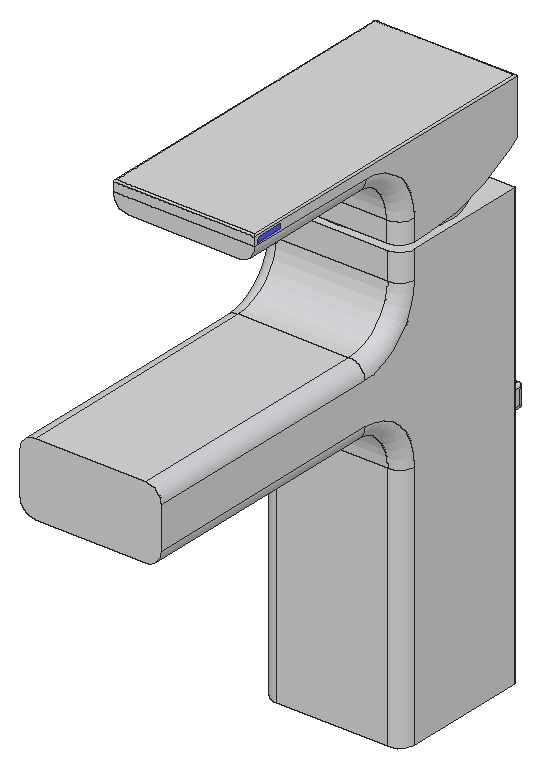
Revit family "Faucet-Lavatory-KOHLER-STRAYT-K-37327T_1", category Plumbing Fixtures, host Face, Revit 2017
Family settings
  Host = Face
  Round Connector Dimension = Use Diameter
  Part Type = Normal
  OmniClass Number = 23.31.11.00
  OmniClass Title = Faucets
  Cut with Voids When Loaded = No
  Shared = No
  Room Calculation Point = No
Parameters (values of type "4, CP-Polished chrome")
  Width = 1 13/16"  # constant formula
  WaterSense Certified = 1 = 0  # no
  Waste Water Outlet = "Waste Water Outlet"  # constant formula
  Waste Connection = 1 = 0  # no
  Vent Connection = 1 = 0  # no
  URL = "http://www.kohler.com.cn/"
  Type = 1
  Spout Reach = 4 7/128"  # constant formula
  Product Page URL = "https://www.kohler.com.cn/product/K-37327T-4-CP/K-37327T-4-CP/"
  Product Name = "STRAYT"  # constant formula
  Product Documentation Link = "https://files.kohler.com.cn/pdfs/k_37327t.pdf"
  Pressure = 0.00 psi
  Model = if(Type = 1, "K-37327T-4-CP", if(Type = 2, "K-37327T-4DPR-CP", if(Type = 3, "K-37327T-4DPW-CP", "NA")))  # "K-37327T-4-CP"
  Material = "Premium Metal Construction"  # constant formula
  Master Format 2014 Name = "Residential Faucets, Supplies, and Trim"  # constant formula
  Master Format 2014 = "22 41 39"  # constant formula
  Manufacturer Address = "Kohler Beijing Office (100016)36-2-03-B, No. 88, Liuxiang Road, Beijing"  # constant formula
  Manufacturer = "KOHLER Co."  # constant formula
  Length = Spout Reach  # 4 7/128"
  Handle With White  Design = or(Type = 3)  # no
  Handle With Red Design = or(Type = 2)  # no
  Handle Without Design = or(Type = 1)  # yes
  Hot Water Inlet = "Hot Water Inlet"  # constant formula
  Height = 6 31/32"  # constant formula
  Handle Finish = Kohler-Metal-CP-Polished_Chrome
  Handle Clearance = 3 69/256"  # constant formula
  HW Connection = 1 = 1  # yes
  Flow Rate = 0 GPM
  Finish = Kohler-Metal-CP-Polished_Chrome
  Environmental Product Declaration = ""
  Drain Included = 1 = 0  # no
  Description = "Single lever basin mixer"  # constant formula
  Default Elevation = 36"
  Declare Label = ""
  Date Modified = "08/13/2020"  # constant formula
  Date Created = "08/13/2020"  # constant formula
  Copyright = "Copyright KOHLER Co."  # constant formula
  Contact Us = "http://www.kohler.com.cn/contact/contact-us/"
  Cold Water Inlet = "Cold Water Inlet"  # constant formula
  CW Connection = 1 = 1  # yes
  Assembly Code = "D2010"
  ADA Compliant = 1 = 0  # no
Reference planes (in)
  plane 1 "Center (Front/Back)": y = 0
  plane 2: z = 0
  plane 3 "Center (Left/Right)": x = 0
  plane 4: y = -4.05469
  plane 5: x = 0.39453
  plane 6: x = -0.39453
  plane 7: y = -4.76563
  plane 8: z = 3.82031
  plane 9: z = 6.96875
  plane 10: y = -3.26953
  plane 11: x = -0.90551
  plane 12: x = 0.90699
  plane 13: y = 0.90551
  plane 14: y = -0.90551
  plane 15: y = 1.96634
Dimensions and locks (in)
  "Height": plane 9 to level
  plane 8 to level = 3 105/128"  (x2)
  plane 12 to plane 11 = 1 13/16"
  plane 9 to level = 6 31/32"
  "Width": plane 11 to plane 12
  "Length": plane 4 to plane 1 "Center (Front/Back)"
  "Spout Reach": plane 1 "Center (Front/Back)" to plane 4
  "Handle Clearance": plane 10 to plane 1 "Center (Front/Back)"
  aligned and locked: plane 2 to host face
  aligned and locked: level to host face
  aligned and locked: plane 3 "Center (Left/Right)" to nested 1
  aligned and locked: plane 1 "Center (Front/Back)" to nested 1
Automatic sketch dimensions
  host sketch curve to host sketch curve = 96"  (x2)
Nested families (in)
  nested 1: "K-37327T" at (0, 0, 0), type "K-37327T"
Connectors (in)
  piping at (0.39453, 0, 0), diameter 0.5, driven by "CW Connection", driven by "Cold Water Inlet", driven by "Flow Rate"
    settings: on nested 1, index 2, connector inside diameter 24", connector length 0", flow factor 0, pipe flow 0 GPM, pressure drop 0.00 psi, fitting loss kfactor 0, connector angle 0.00°, fixture units 0, engagement length 0", angle of deflection 0.00°, flow configuration 0, flow direction 1, fitting loss method 0, system type 20, joint type 0, gender type 0, connector reference index -1, connector utility 1, adjustable connector no, is connector primary yes, connector description "Cold Water Inlet"
  piping at (-0.39453, 0, 0), diameter 0.5, driven by "Flow Rate", driven by "HW Connection", driven by "Hot Water Inlet"
    settings: on nested 1, index 3, connector inside diameter 24", connector length 0", flow factor 0, pipe flow 0 GPM, pressure drop 0.00 psi, fitting loss kfactor 0, connector angle 0.00°, fixture units 0, engagement length 0", angle of deflection 0.00°, flow configuration 0, flow direction 1, fitting loss method 0, system type 19, joint type 0, gender type 0, connector reference index -1, connector utility 1, adjustable connector no, is connector primary no, connector description "Hot Water Inlet"
Definition of nested family "K-37327T"
  Parameters (values of type "K-37327T")
    Material = none
    K-37327T-4DPR = no
    K-37327T-4DPW = yes
    K-37327T-4 = no
    Handle Finish 4DPW = none
    Handle Finish 4DPR = none
  Reference planes (in)
    plane 1 "Center (Front/Back)": y = 0
    plane 2: z = 0
    plane 3 "Center (Left/Right)": x = 0
    plane 4: y = -4.76563
    plane 5: z = 6.96875
    plane 6: z = 3.82031
    plane 7: y = -4.05469
    plane 8: x = -0.39453
    plane 9: x = 0.39453
    plane 10: y = -3.26879
    plane 11: x = -0.90551
    plane 12: x = 0.90551
    plane 13: y = 0.90551
    plane 14: y = -0.90551
  Forms (in)
    Sweep 1, solid, material <- "Material", detail levels medium+fine
      path origin (0, 0, 0) x (0, 1, 0) y (0, 0, 1)
        loop
          line (0, 0) -> (0, 5.68504)
      profile origin (0, 0, 0) x (0, -1, 0) y (1, 0, 0)
        loop
          line (0.70861, -0.90551) -> (0.70861, 0.90551) -> (-0.88456, 0.90551)
          arc (-0.88456, 0.90551) -> (-0.89937, 0.89937) -> (-0.90551, 0.88456) r 0.02095
          line (-0.90551, 0.88456) -> (-0.90551, -0.88411)
          arc (-0.90551, -0.88411) -> (-0.89924, -0.89924) -> (-0.88411, -0.90551) r 0.0214
          line (-0.88411, -0.90551) -> (0.70861, -0.90551)
    Extrusion 2, solid, material <- "Material", detail levels medium+fine
      sketch origin (0, 0, 0) x (1, 0, 0) y (0, 0, 1)
        loop
          line (-0.90551, 4.52756) -> (-0.90551, 3.99606) -> (0.90551, 3.99606) -> (0.90551, 4.52756) -> (-0.90551, 4.52756)
      from 0 to 4.76563
    Sweep 3, solid, material <- "Material", detail levels medium+fine
      path origin (0, 0, 0) x (0, 1, 0) y (0, 0, 1)
        loop
          line (-4.76563, 3.99606) -> (-1.51589, 3.99606)
          arc (-1.51589, 3.99606) -> (-0.94506, 3.75962) -> (-0.70861, 3.18879) r 0.80727
          line (-0.70861, 3.18879) -> (-0.70861, 0)
      profile origin (0, -4.76563, 3.99606) x (0, 0, 1) y (1, 0, 0)
        loop
          arc (0, 0.90551) -> (-0.13919, 0.84786) -> (-0.19685, 0.70866) r 0.19685
          line (-0.19685, 0.70866) -> (-0.19685, -0.70866)
          arc (-0.19685, -0.70866) -> (-0.13919, -0.84786) -> (0, -0.90551) r 0.19685
          line (0, -0.90551) -> (0, 0.90551)
    Extrusion 4, solid, material <- "Material", detail levels medium+fine
      sketch origin (0, 0, 0) x (0, 1, 0) y (0, 0, 1)
        loop
          arc (-1.51589, 3.99606) -> (-0.94506, 3.75962) -> (-0.70861, 3.18879) r 0.80727
          line (-0.70861, 3.18879) -> (-0.70861, 3.99606) -> (-1.51589, 3.99606)
      from -0.90551 to 0.90551
    Sweep 5, solid, material <- "Material", detail levels medium+fine
      path origin (0, 0, 0) x (0, 1, 0) y (0, 0, 1)
        loop
          line (-0.70861, 5.68504) -> (-0.70861, 5.33521)
          arc (-0.70861, 5.33521) -> (-0.94517, 4.76412) -> (-1.51627, 4.52756) r 0.80765
          line (-1.51627, 4.52756) -> (-4.76563, 4.52756)
      profile origin (0, -4.76563, 4.52756) x (0, 0, -1) y (1, 0, 0)
        loop
          arc (0, 0.90551) -> (-0.13919, 0.84786) -> (-0.19685, 0.70866) r 0.19685
          line (-0.19685, 0.70866) -> (-0.19685, -0.70866)
          arc (-0.19685, -0.70866) -> (-0.13919, -0.84786) -> (0, -0.90551) r 0.19685
          line (0, -0.90551) -> (0, 0.90551)
    Extrusion 6, solid, material <- "Material", detail levels medium+fine
      sketch origin (0, 0, 0) x (0, 1, 0) y (0, 0, 1)
        loop
          arc (-0.70861, 5.33521) -> (-0.94517, 4.76412) -> (-1.51627, 4.52756) r 0.80765
          line (-1.51627, 4.52756) -> (-0.70861, 4.52756) -> (-0.70861, 5.33521)
      from -0.90551 to 0.90551
    Revolve 7, solid, material <- "Material", detail levels medium+fine
      sketch origin (0, 0, 0) x (0, 1, 0) y (0, 0, 1)
        loop
          line (0.00002, 5.68504) -> (0.80733, 5.68504) -> (0.80733, 5.76676)
          arc (0.80733, 5.76676) -> (0.782, 5.9592) -> (0.70772, 6.13852) r 0.74351
          line (0.70772, 6.13852) -> (0.00002, 6.13852) -> (0.00002, 5.68504)
        axis (0.00002, 5.68504) -> (0.00002, 6.13852)
      angle from 0 to 360
    Extrusion 8, solid, material <- "Material", detail levels medium+fine
      sketch origin (0, 0, 0) x (0, 1, 0) y (0, 0, 1)
        loop
          line (-3.26775, 6.94849) -> (-3.26879, 6.82976) -> (-1.49958, 6.82976)
          arc (-1.49958, 6.82976) -> (-0.94331, 6.59934) -> (-0.7129, 6.04307) r 0.78668
          line (-0.7129, 6.04307) -> (-0.7129, 5.77165) -> (-0.51181, 5.77165)
          arc (-0.51181, 5.77165) -> (0.17961, 5.87391) -> (0.81287, 6.16971) r 2.41721
          arc (0.81287, 6.16971) -> (0.86903, 6.20553) -> (0.92328, 6.24418) r 1.30364
          line (0.92328, 6.24418) -> (0.91726, 6.94849) -> (-3.26775, 6.94849)
      from -0.90551 to 0.90551
    Sweep 9, solid, material <- "Material", detail levels medium+fine
      path origin (0, 0, 0) x (0, 1, 0) y (0, 0, 1)
        loop
          line (-3.26879, 6.82976) -> (-1.49958, 6.82976)
          arc (-1.49958, 6.82976) -> (-0.94331, 6.59934) -> (-0.7129, 6.04307) r 0.78668
          line (-0.7129, 6.04307) -> (-0.7129, 5.77165)
      profile origin (0, -3.26879, 6.82976) x (0, 0, 1) y (1, 0, 0)
        loop
          arc (0, 0.90551) -> (-0.13853, 0.84611) -> (-0.19847, 0.70781) r 0.20403
          arc (-0.19847, 0.70781) -> (-0.20938, -0.00406) -> (-0.19847, -0.71592) r 23.23199
          arc (-0.19847, -0.71592) -> (-0.13807, -0.85137) -> (0, -0.90551) r 0.19561
          line (0, -0.90551) -> (0, 0.90551)
    Sweep 10, solid, material <- "Material", visible <- "K-37327T-4", detail levels medium+fine
      path origin (0, 0, 0) x (1, 0, 0) y (0, 1, 0)
        loop
          line (-0.90551, 0.91722) -> (-0.90551, -3.26772) -> (0.90551, -3.26772) -> (0.90551, 0.91722) -> (-0.90551, 0.91722)
      profile origin (-0.90551, -1.17525, 0) x (1, 0, 0) y (0, 0, 1)
        loop
          line (0.11338, 6.96875) -> (0.02026, 6.96875)
          arc (0.02026, 6.96875) -> (0.00593, 6.96281) -> (0, 6.94849) r 0.02026
          line (0, 6.94849) -> (0.21819, 6.94849) -> (0.11338, 6.96875)
    Extrusion 11, solid, material <- "Material", visible <- "K-37327T-4DPR", detail levels medium+fine
      sketch origin (0, 0, 0) x (1, 0, 0) y (0, 0, 1)
        loop
          line (-0.79213, 6.96875) -> (-0.79213, 6.86035) -> (0.79213, 6.86035) -> (0.79213, 6.96875) -> (-0.79213, 6.96875)
      from -0.80384 to 3.15433
    Revolve 12, void
      sketch origin (0, 0, 0) x (0, 1, 0) y (0, 0, 1)
        loop
          line (1.25045, 2.51754) -> (0.33972, 0.372) -> (0.44665, 0.372) -> (1.34105, 2.47908) -> (1.25045, 2.51754)
        axis (1.25045, 2.51754) -> (0.33972, 0.372)
      angle from 0 to 360
    Revolve 13, solid, material <- "Material", detail levels medium+fine
      sketch origin (0, 0, 0) x (0, 1, 0) y (0, 0, 1)
        loop
          line (1.12119, 2.21301) -> (0.43741, 0.60212) -> (0.50087, 0.57519) -> (1.18465, 2.18607) -> (1.12119, 2.21301)
        axis (1.12119, 2.21301) -> (0.43741, 0.60212)
      angle from 0 to 360
    Extrusion 14, solid, material <- "Material", detail levels medium+fine
      sketch origin (0, 0, 0) x (0, 1, 0) y (0, 0, 1)
        loop
          line (1.205, 2.66236) -> (1.04597, 2.28771) -> (1.22717, 2.21079) -> (1.31492, 2.41752)
          arc (1.31492, 2.41752) -> (1.34395, 2.45243) -> (1.38743, 2.46551) r 0.07877
          line (1.38743, 2.46551) -> (1.92697, 2.46551) -> (1.92697, 2.66236) -> (1.205, 2.66236)
      from -0.1378 to 0.1378
    Sweep 15, solid, material <- "Material", detail levels medium+fine
      path origin (0, 0, 0) x (0, 1, 0) y (0, 0, 1)
        loop
          line (1.92697, 2.46551) -> (1.92697, 2.66236) -> (1.205, 2.66236) -> (1.04597, 2.28771) -> (1.22717, 2.21079) -> (1.31492, 2.41752)
          arc (1.31492, 2.41752) -> (1.34395, 2.45243) -> (1.38743, 2.46551) r 0.07877
          line (1.38743, 2.46551) -> (1.92697, 2.46551)
      profile origin (0, 1.92697, 2.66236) x (0, 0, -1) y (1, 0, 0)
        loop
          line (-0.03937, 0.09843) -> (-0.03937, -0.09843)
          arc (-0.03937, -0.09843) -> (-0.02784, -0.12626) -> (0, -0.1378) r 0.03937
          line (0, -0.1378) -> (0, 0.1378)
          arc (0, 0.1378) -> (-0.02784, 0.12626) -> (-0.03937, 0.09843) r 0.03937
    Extrusion 16, solid, detail levels medium+fine
      sketch origin (0, 0, 0) x (0, 1, 0) y (0, 0, 1)
        loop
          line (-2.86801, 6.91741) -> (-3.22556, 6.91741) -> (-3.22556, 6.86525) -> (-2.86801, 6.86525) -> (-2.86801, 6.91741)
      from -0.90551 to -0.78941
    Extrusion 17, void
      sketch origin (0, -0.75572, -0.64583) x (1, 0, 0) y (0, 0.984808, -0.173648)
        loop
          circle (0.00116, -4.06881) r 0.45314
      from 3.38024 to 4.12411
    Extrusion 18, solid, material <- "Material", detail levels coarse
      sketch origin (0, 0, 0) x (1, 0, 0) y (0, 1, 0)
        loop
          line (-0.90551, 0.92328) -> (-0.90551, -0.90546) -> (0.90551, -0.90546) -> (0.90551, 0.92328) -> (-0.90551, 0.92328)
      from 0 to 6.96875
    Extrusion 19, solid, material <- "Material", detail levels coarse
      sketch origin (0, 0, 0) x (1, 0, 0) y (0, 0, 1)
        loop
          line (-0.90551, 4.72441) -> (-0.90551, 3.79921) -> (0.90551, 3.79921) -> (0.90551, 4.72441) -> (-0.90551, 4.72441)
      from 0 to 4.76563
    Extrusion 20, solid, material <- "Material", detail levels coarse
      sketch origin (0, 0, 0) x (1, 0, 0) y (0, 0, 1)
        loop
          line (-0.90551, 6.96875) -> (-0.90551, 6.60812) -> (0.90551, 6.60812) -> (0.90551, 6.96875) -> (-0.90551, 6.96875)
      from 0 to 3.26879
    Extrusion 21, solid, detail levels medium+fine
      sketch origin (1.69492, 0, 0) x (0, 1, 0) y (0, 0, 1)
        loop
          line (-2.86801, 6.91741) -> (-3.22556, 6.91741) -> (-3.22556, 6.86525) -> (-2.86801, 6.86525) -> (-2.86801, 6.91741)
      from -0.90551 to -0.78941
    Extrusion 22, solid, material <- "Handle Finish 4DPR", visible <- "K-37327T-4DPR", detail levels medium+fine
      sketch origin (0, 0, 0) x (1, 0, 0) y (0, 0, 1)
        loop
          line (-0.79213, 6.95778) -> (-0.79213, 6.85909) -> (0.79213, 6.85909) -> (0.79213, 6.95778) -> (-0.79213, 6.95778)
      from -0.80384 to 3.15433
    Extrusion 23, void
      sketch origin (0, 0, 0) x (1, 0, 0) y (0, 1, 0)
        loop
          line (0.55909, 0.62338) -> (0.7613, 0.59937)
          arc (0.7613, 0.59937) -> (0.77613, 0.60402) -> (0.78249, 0.61819) r 0.01895
          line (0.78249, 0.61819) -> (0.78249, 0.75025)
          arc (0.78249, 0.75025) -> (0.77632, 0.76515) -> (0.76143, 0.77131) r 0.02106
          line (0.76143, 0.77131) -> (0.66854, 0.77131)
          arc (0.66854, 0.77131) -> (0.65283, 0.76781) -> (0.6401, 0.75795) r 0.03693
          line (0.6401, 0.75795) -> (0.54917, 0.6482)
          arc (0.54917, 0.6482) -> (0.54676, 0.63284) -> (0.55909, 0.62338) r 0.01521
        loop
          line (0.76661, 0.55817) -> (0.49867, 0.58998)
          arc (0.49867, 0.58998) -> (0.48431, 0.58248) -> (0.48608, 0.56638) r 0.01436
          line (0.48608, 0.56638) -> (0.65818, 0.36564)
          arc (0.65818, 0.36564) -> (0.67496, 0.35894) -> (0.69002, 0.36891) r 0.01948
          line (0.69002, 0.36891) -> (0.78001, 0.53207)
          arc (0.78001, 0.53207) -> (0.78025, 0.54868) -> (0.76661, 0.55817) r 0.01768
        loop
          line (0.48996, 0.63703) -> (0.58121, 0.74716)
          arc (0.58121, 0.74716) -> (0.5832, 0.76284) -> (0.56986, 0.77131) r 0.01475
          line (0.56986, 0.77131) -> (0.34051, 0.77131)
          arc (0.34051, 0.77131) -> (0.32792, 0.76325) -> (0.32999, 0.74844) r 0.01386
          line (0.32999, 0.74844) -> (0.4182, 0.64555)
          arc (0.4182, 0.64555) -> (0.45345, 0.63592) -> (0.48996, 0.63703) r 0.12356
        loop
          line (0.65669, 0.17008) -> (0.75667, 0.12397)
          arc (0.75667, 0.12397) -> (0.7741, 0.12517) -> (0.78249, 0.1405) r 0.0182
          line (0.78249, 0.1405) -> (0.78249, 0.39505)
          arc (0.78249, 0.39505) -> (0.77363, 0.40648) -> (0.76036, 0.40075) r 0.0118
          line (0.76036, 0.40075) -> (0.6479, 0.19684)
          arc (0.6479, 0.19684) -> (0.64647, 0.18155) -> (0.65669, 0.17008) r 0.01924
        loop
          line (0.72693, 0.09433) -> (0.38496, 0.25204)
          arc (0.38496, 0.25204) -> (0.36981, 0.24926) -> (0.36733, 0.23404) r 0.01338
          line (0.36733, 0.23404) -> (0.4721, 0.01852)
          arc (0.4721, 0.01852) -> (0.48543, 0.00217) -> (0.50467, -0.00651) r 0.04597
          line (0.50467, -0.00651) -> (0.57234, -0.01966)
          arc (0.57234, -0.01966) -> (0.58925, -0.01966) -> (0.60493, -0.01332) r 0.04432
          line (0.60493, -0.01332) -> (0.72889, 0.06715)
          arc (0.72889, 0.06715) -> (0.73593, 0.08132) -> (0.72693, 0.09433) r 0.01556
        loop
          line (0.34424, 0.31418) -> (0.58396, 0.20362)
          arc (0.58396, 0.20362) -> (0.59962, 0.20272) -> (0.6117, 0.21273) r 0.02143
          line (0.6117, 0.21273) -> (0.65148, 0.28486)
          arc (0.65148, 0.28486) -> (0.65484, 0.30133) -> (0.6482, 0.31678) r 0.02815
          line (0.6482, 0.31678) -> (0.51884, 0.46767)
          arc (0.51884, 0.46767) -> (0.50333, 0.47572) -> (0.48657, 0.47075) r 0.02336
          line (0.48657, 0.47075) -> (0.33947, 0.35381)
          arc (0.33947, 0.35381) -> (0.33078, 0.33266) -> (0.34424, 0.31418) r 0.02344
        loop
          line (0.46272, 0.53314) -> (0.37508, 0.63536)
          arc (0.37508, 0.63536) -> (0.34722, 0.64126) -> (0.33423, 0.61591) r 0.02344
          line (0.33423, 0.61591) -> (0.36151, 0.46572)
          arc (0.36151, 0.46572) -> (0.37632, 0.44797) -> (0.39916, 0.45156) r 0.02344
          line (0.39916, 0.45156) -> (0.45951, 0.49953)
          arc (0.45951, 0.49953) -> (0.46826, 0.51565) -> (0.46272, 0.53314) r 0.02344
        loop
          line (0.33228, 0.40635) -> (0.30472, 0.55807)
          arc (0.30472, 0.55807) -> (0.29572, 0.57554) -> (0.27851, 0.585) r 0.03366
          line (0.27851, 0.585) -> (0.16357, 0.60908)
          arc (0.16357, 0.60908) -> (0.14634, 0.60765) -> (0.13268, 0.59704) r 0.03032
          arc (0.13268, 0.59704) -> (0.11808, 0.57788) -> (0.10871, 0.55569) r 0.09602
          line (0.10871, 0.55569) -> (0.14965, 0.41756)
          arc (0.14965, 0.41756) -> (0.15703, 0.40409) -> (0.1693, 0.39486) r 0.03639
          line (0.1693, 0.39486) -> (0.26329, 0.35151)
          arc (0.26329, 0.35151) -> (0.30168, 0.37404) -> (0.33228, 0.40635) r 0.15851
        loop
          line (0.1324, 0.33724) -> (0.09142, 0.47549)
          arc (0.09142, 0.47549) -> (0.07317, 0.49164) -> (0.05064, 0.48233) r 0.02301
          line (0.05064, 0.48233) -> (-0.05831, 0.33)
          arc (-0.05831, 0.33) -> (-0.05758, 0.27382) -> (-0.00374, 0.25774) r 0.04744
          line (-0.00374, 0.25774) -> (0.11332, 0.29963)
          arc (0.11332, 0.29963) -> (0.13035, 0.31464) -> (0.1324, 0.33724) r 0.03068
        loop
          line (-0.08378, 0.36207) -> (0.08274, 0.59489)
          arc (0.08274, 0.59489) -> (0.08531, 0.61541) -> (0.06953, 0.62878) r 0.02172
          line (0.06953, 0.62878) -> (-0.18373, 0.68183)
          arc (-0.18373, 0.68183) -> (-0.2053, 0.67568) -> (-0.21244, 0.65442) r 0.02408
          line (-0.21244, 0.65442) -> (-0.16839, 0.38191)
          arc (-0.16839, 0.38191) -> (-0.13272, 0.34365) -> (-0.08378, 0.36207) r 0.04699
        loop
          line (0.09579, 0.6635) -> (0.26152, 0.62879)
          arc (0.26152, 0.62879) -> (0.2811, 0.63447) -> (0.28732, 0.6539) r 0.02169
          line (0.28732, 0.6539) -> (0.26785, 0.76105)
          arc (0.26785, 0.76105) -> (0.24942, 0.78479) -> (0.21941, 0.78329) r 0.03252
          line (0.21941, 0.78329) -> (0.08874, 0.70666)
          arc (0.08874, 0.70666) -> (0.07746, 0.68266) -> (0.09579, 0.6635) r 0.02344
        loop
          line (0.07375, 0.77131) -> (-0.20979, 0.77131)
          arc (-0.20979, 0.77131) -> (-0.23134, 0.75188) -> (-0.21424, 0.72844) r 0.02167
          line (-0.21424, 0.72844) -> (-0.05269, 0.6946)
          arc (-0.05269, 0.6946) -> (-0.02195, 0.69392) -> (0.00696, 0.70435) r 0.08392
          line (0.00696, 0.70435) -> (0.08027, 0.74733)
          arc (0.08027, 0.74733) -> (0.08618, 0.76181) -> (0.07375, 0.77131) r 0.01288
        loop
          line (-0.60812, 0.5701) -> (-0.28109, 0.7289)
          arc (-0.28109, 0.7289) -> (-0.26908, 0.75399) -> (-0.29084, 0.77131) r 0.02233
          line (-0.29084, 0.77131) -> (-0.63924, 0.77131)
          arc (-0.63924, 0.77131) -> (-0.65737, 0.76304) -> (-0.66299, 0.74392) r 0.02399
          line (-0.66299, 0.74392) -> (-0.64049, 0.58728)
          arc (-0.64049, 0.58728) -> (-0.62867, 0.57047) -> (-0.60812, 0.5701) r 0.02269
        loop
          line (-0.29004, 0.68079) -> (-0.41239, 0.62138)
          arc (-0.41239, 0.62138) -> (-0.4228, 0.607) -> (-0.41657, 0.59038) r 0.01877
          line (-0.41657, 0.59038) -> (-0.25665, 0.45007)
          arc (-0.25665, 0.45007) -> (-0.23283, 0.4475) -> (-0.22235, 0.46905) r 0.02083
          line (-0.22235, 0.46905) -> (-0.25352, 0.66181)
          arc (-0.25352, 0.66181) -> (-0.26701, 0.68048) -> (-0.29004, 0.68079) r 0.02565
        loop
          line (-0.35291, 0.48215) -> (-0.45969, 0.57583)
          arc (-0.45969, 0.57583) -> (-0.47714, 0.58378) -> (-0.49607, 0.58074) r 0.03319
          line (-0.49607, 0.58074) -> (-0.61099, 0.52494)
          arc (-0.61099, 0.52494) -> (-0.62404, 0.51235) -> (-0.62716, 0.49448) r 0.02924
          line (-0.62716, 0.49448) -> (-0.60915, 0.36914)
          arc (-0.60915, 0.36914) -> (-0.60319, 0.35464) -> (-0.59106, 0.3447) r 0.03205
          line (-0.59106, 0.3447) -> (-0.55045, 0.32561)
          arc (-0.55045, 0.32561) -> (-0.5346, 0.32162) -> (-0.51841, 0.32386) r 0.04276
          line (-0.51841, 0.32386) -> (-0.39714, 0.3654)
          arc (-0.39714, 0.3654) -> (-0.38267, 0.37402) -> (-0.37291, 0.38775) r 0.04086
          line (-0.37291, 0.38775) -> (-0.34576, 0.45017)
          arc (-0.34576, 0.45017) -> (-0.34412, 0.46732) -> (-0.35291, 0.48215) r 0.0278
        loop
          line (-0.6539, 0.4038) -> (-0.70398, 0.75243)
          arc (-0.70398, 0.75243) -> (-0.71136, 0.76594) -> (-0.72577, 0.77131) r 0.02202
          line (-0.72577, 0.77131) -> (-0.76288, 0.77131)
          arc (-0.76288, 0.77131) -> (-0.77817, 0.76498) -> (-0.7845, 0.7497) r 0.02162
          line (-0.7845, 0.7497) -> (-0.7845, 0.45478)
          arc (-0.7845, 0.45478) -> (-0.77979, 0.43858) -> (-0.76713, 0.42743) r 0.03021
          line (-0.76713, 0.42743) -> (-0.67835, 0.38571)
          arc (-0.67835, 0.38571) -> (-0.66073, 0.38746) -> (-0.6539, 0.4038) r 0.01727
        loop
          line (-0.09363, 0.25465) -> (-0.28293, 0.42075)
          arc (-0.28293, 0.42075) -> (-0.3031, 0.4259) -> (-0.31915, 0.41265) r 0.02297
          line (-0.31915, 0.41265) -> (-0.41312, 0.19665)
          arc (-0.41312, 0.19665) -> (-0.40421, 0.145) -> (-0.35327, 0.13266) r 0.04773
          line (-0.35327, 0.13266) -> (-0.09958, 0.22345)
          arc (-0.09958, 0.22345) -> (-0.08768, 0.23735) -> (-0.09363, 0.25465) r 0.01843
        loop
          line (-0.51739, 0.0557) -> (-0.41667, 0.28718)
          arc (-0.41667, 0.28718) -> (-0.41975, 0.30538) -> (-0.43765, 0.30991) r 0.0169
          line (-0.43765, 0.30991) -> (-0.69588, 0.22146)
          arc (-0.69588, 0.22146) -> (-0.70684, 0.20922) -> (-0.70211, 0.19349) r 0.0168
          line (-0.70211, 0.19349) -> (-0.55231, 0.04876)
          arc (-0.55231, 0.04876) -> (-0.53303, 0.04309) -> (-0.51739, 0.0557) r 0.02167
        loop
          line (0.18604, 0.1563) -> (0.15948, 0.24588)
          arc (0.15948, 0.24588) -> (0.14663, 0.2613) -> (0.1266, 0.26257) r 0.02538
          line (0.1266, 0.26257) -> (0.01894, 0.22404)
          arc (0.01894, 0.22404) -> (0.00959, 0.21105) -> (0.01839, 0.19769) r 0.0141
          line (0.01839, 0.19769) -> (0.16579, 0.13793)
          arc (0.16579, 0.13793) -> (0.18169, 0.14076) -> (0.18604, 0.1563) r 0.01517
        loop
          line (0.17874, 0.31946) -> (0.23615, 0.12577)
          arc (0.23615, 0.12577) -> (0.24494, 0.11015) -> (0.25965, 0.09988) r 0.0403
          line (0.25965, 0.09988) -> (0.35891, 0.05964)
          arc (0.35891, 0.05964) -> (0.38712, 0.06586) -> (0.39142, 0.09442) r 0.0255
          line (0.39142, 0.09442) -> (0.30191, 0.27856)
          arc (0.30191, 0.27856) -> (0.29248, 0.29166) -> (0.2792, 0.30082) r 0.04727
          line (0.2792, 0.30082) -> (0.19961, 0.33752)
          arc (0.19961, 0.33752) -> (0.18335, 0.33522) -> (0.17874, 0.31946) r 0.01515
        loop
          line (0.75298, 0.03586) -> (0.6728, -0.0162)
          arc (0.6728, -0.0162) -> (0.66707, -0.02971) -> (0.67744, -0.04008) r 0.01312
          line (0.67744, -0.04008) -> (0.75992, -0.05611)
          arc (0.75992, -0.05611) -> (0.77559, -0.05213) -> (0.78249, -0.0375) r 0.01895
          line (0.78249, -0.0375) -> (0.78249, 0.01983)
          arc (0.78249, 0.01983) -> (0.7725, 0.03662) -> (0.75298, 0.03586) r 0.01911
        loop
          line (0.49072, -1.01239) -> (0.30142, -0.84629)
          arc (0.30142, -0.84629) -> (0.28125, -0.84114) -> (0.2652, -0.8544) r 0.02297
          line (0.2652, -0.8544) -> (0.17123, -1.07039)
          arc (0.17123, -1.07039) -> (0.18014, -1.12204) -> (0.23108, -1.13438) r 0.04773
          line (0.23108, -1.13438) -> (0.48477, -1.0436)
          arc (0.48477, -1.0436) -> (0.49667, -1.02969) -> (0.49072, -1.01239) r 0.01843
        loop
          line (0.03362, -0.30831) -> (-0.15568, -0.14222)
          arc (-0.15568, -0.14222) -> (-0.17585, -0.13707) -> (-0.1919, -0.15032) r 0.02297
          line (-0.1919, -0.15032) -> (-0.28587, -0.36632)
          arc (-0.28587, -0.36632) -> (-0.27696, -0.41797) -> (-0.22602, -0.4303) r 0.04773
          line (-0.22602, -0.4303) -> (0.02767, -0.33952)
          arc (0.02767, -0.33952) -> (0.03957, -0.32562) -> (0.03362, -0.30831) r 0.01843
        loop
          line (0.646, -0.44464) -> (0.4567, -0.27854)
          arc (0.4567, -0.27854) -> (0.43654, -0.27339) -> (0.42049, -0.28664) r 0.02297
          line (0.42049, -0.28664) -> (0.32651, -0.50264)
          arc (0.32651, -0.50264) -> (0.33542, -0.55429) -> (0.38636, -0.56663) r 0.04773
          line (0.38636, -0.56663) -> (0.64006, -0.47584)
          arc (0.64006, -0.47584) -> (0.65195, -0.46194) -> (0.646, -0.44464) r 0.01843
        loop
          line (-0.43931, -0.67198) -> (-0.62861, -0.50588)
          arc (-0.62861, -0.50588) -> (-0.64877, -0.50073) -> (-0.66482, -0.51399) r 0.02297
          line (-0.66482, -0.51399) -> (-0.7588, -0.72998)
          arc (-0.7588, -0.72998) -> (-0.74989, -0.78163) -> (-0.69895, -0.79397) r 0.04773
          line (-0.69895, -0.79397) -> (-0.44525, -0.70319)
          arc (-0.44525, -0.70319) -> (-0.43336, -0.68928) -> (-0.43931, -0.67198) r 0.01843
        loop
          line (0.65669, -0.98669) -> (0.75667, -1.0328)
          arc (0.75667, -1.0328) -> (0.7741, -1.0316) -> (0.78249, -1.01627) r 0.0182
          line (0.78249, -1.01627) -> (0.78249, -0.76172)
          arc (0.78249, -0.76172) -> (0.77363, -0.75029) -> (0.76036, -0.75602) r 0.0118
          line (0.76036, -0.75602) -> (0.6479, -0.95993)
          arc (0.6479, -0.95993) -> (0.64647, -0.97523) -> (0.65669, -0.98669) r 0.01924
        loop
          line (0.62582, -0.78197) -> (0.59826, -0.63025)
          arc (0.59826, -0.63025) -> (0.58926, -0.61278) -> (0.57204, -0.60332) r 0.03366
          line (0.57204, -0.60332) -> (0.4571, -0.57924)
          arc (0.4571, -0.57924) -> (0.43987, -0.58067) -> (0.42622, -0.59128) r 0.03032
          arc (0.42622, -0.59128) -> (0.41161, -0.61044) -> (0.40224, -0.63263) r 0.09602
          line (0.40224, -0.63263) -> (0.44319, -0.77076)
          arc (0.44319, -0.77076) -> (0.45056, -0.78423) -> (0.46284, -0.79346) r 0.03639
          line (0.46284, -0.79346) -> (0.55683, -0.83681)
          arc (0.55683, -0.83681) -> (0.59521, -0.81428) -> (0.62582, -0.78197) r 0.15851
        loop
          line (-0.49276, -1.0622) -> (-0.52032, -0.91048)
          arc (-0.52032, -0.91048) -> (-0.52932, -0.89302) -> (-0.54654, -0.88356) r 0.03366
          line (-0.54654, -0.88356) -> (-0.66148, -0.85948)
          arc (-0.66148, -0.85948) -> (-0.67871, -0.86091) -> (-0.69236, -0.87152) r 0.03032
          arc (-0.69236, -0.87152) -> (-0.70696, -0.89068) -> (-0.71634, -0.91287) r 0.09602
          line (-0.71634, -0.91287) -> (-0.67539, -1.051)
          arc (-0.67539, -1.051) -> (-0.66802, -1.06447) -> (-0.65574, -1.0737) r 0.03639
          line (-0.65574, -1.0737) -> (-0.56175, -1.11705)
          arc (-0.56175, -1.11705) -> (-0.52337, -1.09452) -> (-0.49276, -1.0622) r 0.15851
        loop
          line (-0.13921, -0.70865) -> (-0.16677, -0.55693)
          arc (-0.16677, -0.55693) -> (-0.17577, -0.53947) -> (-0.19299, -0.53) r 0.03366
          line (-0.19299, -0.53) -> (-0.30793, -0.50593)
          arc (-0.30793, -0.50593) -> (-0.32516, -0.50735) -> (-0.33881, -0.51797) r 0.03032
          arc (-0.33881, -0.51797) -> (-0.35341, -0.53713) -> (-0.36279, -0.55932) r 0.09602
          line (-0.36279, -0.55932) -> (-0.32184, -0.69745)
          arc (-0.32184, -0.69745) -> (-0.31446, -0.71092) -> (-0.30219, -0.72015) r 0.03639
          line (-0.30219, -0.72015) -> (-0.2082, -0.7635)
          arc (-0.2082, -0.7635) -> (-0.16982, -0.74097) -> (-0.13921, -0.70865) r 0.15851
        loop
          line (0.40707, -0.74382) -> (0.31943, -0.6416)
          arc (0.31943, -0.6416) -> (0.29156, -0.63569) -> (0.27858, -0.66105) r 0.02344
          line (0.27858, -0.66105) -> (0.30586, -0.81124)
          arc (0.30586, -0.81124) -> (0.32067, -0.82899) -> (0.34351, -0.8254) r 0.02344
          line (0.34351, -0.8254) -> (0.40386, -0.77742)
          arc (0.40386, -0.77742) -> (0.4126, -0.7613) -> (0.40707, -0.74382) r 0.02344
        loop
          line (0.0044, -0.59726) -> (-0.08324, -0.49504)
          arc (-0.08324, -0.49504) -> (-0.1111, -0.48913) -> (-0.12409, -0.51449) r 0.02344
          line (-0.12409, -0.51449) -> (-0.09681, -0.66468)
          arc (-0.09681, -0.66468) -> (-0.082, -0.68243) -> (-0.05916, -0.67884) r 0.02344
          line (-0.05916, -0.67884) -> (0.00119, -0.63086)
          arc (0.00119, -0.63086) -> (0.00994, -0.61475) -> (0.0044, -0.59726) r 0.02344
        loop
          line (-0.27992, -0.88158) -> (-0.36755, -0.77936)
          arc (-0.36755, -0.77936) -> (-0.39542, -0.77345) -> (-0.40841, -0.7988) r 0.02344
          line (-0.40841, -0.7988) -> (-0.38112, -0.949)
          arc (-0.38112, -0.949) -> (-0.36631, -0.96675) -> (-0.34348, -0.96316) r 0.02344
          line (-0.34348, -0.96316) -> (-0.28313, -0.91518)
          arc (-0.28313, -0.91518) -> (-0.27438, -0.89906) -> (-0.27992, -0.88158) r 0.02344
        loop
          line (-0.44837, -0.41081) -> (-0.53601, -0.30859)
          arc (-0.53601, -0.30859) -> (-0.56388, -0.30268) -> (-0.57686, -0.32803) r 0.02344
          line (-0.57686, -0.32803) -> (-0.54958, -0.47823)
          arc (-0.54958, -0.47823) -> (-0.53477, -0.49598) -> (-0.51193, -0.49239) r 0.02344
          line (-0.51193, -0.49239) -> (-0.45158, -0.44441)
          arc (-0.45158, -0.44441) -> (-0.44284, -0.42829) -> (-0.44837, -0.41081) r 0.02344
        loop
          line (-0.16024, 0.01426) -> (-0.24787, 0.11648)
          arc (-0.24787, 0.11648) -> (-0.27574, 0.12239) -> (-0.28872, 0.09704) r 0.02344
          line (-0.28872, 0.09704) -> (-0.26144, -0.05316)
          arc (-0.26144, -0.05316) -> (-0.24663, -0.07091) -> (-0.22379, -0.06732) r 0.02344
          line (-0.22379, -0.06732) -> (-0.16344, -0.01934)
          arc (-0.16344, -0.01934) -> (-0.1547, -0.00322) -> (-0.16024, 0.01426) r 0.02344
        loop
          line (0.61909, -0.96179) -> (0.53145, -0.85957)
          arc (0.53145, -0.85957) -> (0.50359, -0.85366) -> (0.4906, -0.87902) r 0.02344
          line (0.4906, -0.87902) -> (0.51788, -1.02921)
          arc (0.51788, -1.02921) -> (0.53269, -1.04696) -> (0.55553, -1.04337) r 0.02344
          line (0.55553, -1.04337) -> (0.61588, -0.99539)
          arc (0.61588, -0.99539) -> (0.62463, -0.97927) -> (0.61909, -0.96179) r 0.02344
        loop
          line (0.65669, -0.36155) -> (0.75667, -0.40766)
          arc (0.75667, -0.40766) -> (0.7741, -0.40646) -> (0.78249, -0.39113) r 0.0182
          line (0.78249, -0.39113) -> (0.78249, -0.13658)
          arc (0.78249, -0.13658) -> (0.77363, -0.12515) -> (0.76036, -0.13088) r 0.0118
          line (0.76036, -0.13088) -> (0.6479, -0.33479)
          arc (0.6479, -0.33479) -> (0.64647, -0.35009) -> (0.65669, -0.36155) r 0.01924
        loop
          line (-0.62104, 0.07298) -> (-0.72101, 0.11909)
          arc (-0.72101, 0.11909) -> (-0.73845, 0.11789) -> (-0.74684, 0.10256) r 0.0182
          line (-0.74684, 0.10256) -> (-0.74684, -0.15199)
          arc (-0.74684, -0.15199) -> (-0.73798, -0.16342) -> (-0.7247, -0.15769) r 0.0118
          line (-0.7247, -0.15769) -> (-0.61225, 0.04622)
          arc (-0.61225, 0.04622) -> (-0.61082, 0.06152) -> (-0.62104, 0.07298) r 0.01924
        loop
          line (-0.65647, -0.29543) -> (-0.75645, -0.24932)
          arc (-0.75645, -0.24932) -> (-0.77389, -0.25052) -> (-0.78228, -0.26585) r 0.0182
          line (-0.78228, -0.26585) -> (-0.78228, -0.5204)
          arc (-0.78228, -0.5204) -> (-0.77342, -0.53183) -> (-0.76014, -0.5261) r 0.0118
          line (-0.76014, -0.5261) -> (-0.64768, -0.32219)
          arc (-0.64768, -0.32219) -> (-0.64625, -0.3069) -> (-0.65647, -0.29543) r 0.01924
        loop
          line (0.29994, 0.02582) -> (-0.04203, 0.18354)
          arc (-0.04203, 0.18354) -> (-0.05719, 0.18075) -> (-0.05967, 0.16554) r 0.01338
          line (-0.05967, 0.16554) -> (0.0451, -0.04998)
          arc (0.0451, -0.04998) -> (0.05843, -0.06634) -> (0.07767, -0.07501) r 0.04597
          line (0.07767, -0.07501) -> (0.14535, -0.08816)
          arc (0.14535, -0.08816) -> (0.16226, -0.08816) -> (0.17793, -0.08183) r 0.04432
          line (0.17793, -0.08183) -> (0.30189, -0.00135)
          arc (0.30189, -0.00135) -> (0.30894, 0.01281) -> (0.29994, 0.02582) r 0.01556
        loop
          line (0.29934, -0.49778) -> (0.04145, -0.37885)
          arc (0.04145, -0.37885) -> (-0.01118, -0.38852) -> (-0.01978, -0.44134) r 0.04646
          line (-0.01978, -0.44134) -> (0.0445, -0.57359)
          arc (0.0445, -0.57359) -> (0.05784, -0.58994) -> (0.07708, -0.59862) r 0.04597
          line (0.07708, -0.59862) -> (0.14475, -0.61177)
          arc (0.14475, -0.61177) -> (0.16166, -0.61177) -> (0.17734, -0.60544) r 0.04432
          line (0.17734, -0.60544) -> (0.3013, -0.52496)
          arc (0.3013, -0.52496) -> (0.30834, -0.51079) -> (0.29934, -0.49778) r 0.01556
        loop
          line (-0.2936, -0.10579) -> (-0.57013, 0.02174)
          arc (-0.57013, 0.02174) -> (-0.61445, 0.0136) -> (-0.6217, -0.03089) r 0.03912
          line (-0.6217, -0.03089) -> (-0.54844, -0.18159)
          arc (-0.54844, -0.18159) -> (-0.5351, -0.19795) -> (-0.51586, -0.20662) r 0.04597
          line (-0.51586, -0.20662) -> (-0.44819, -0.21977)
          arc (-0.44819, -0.21977) -> (-0.43128, -0.21977) -> (-0.4156, -0.21344) r 0.04432
          line (-0.4156, -0.21344) -> (-0.29164, -0.13297)
          arc (-0.29164, -0.13297) -> (-0.2846, -0.1188) -> (-0.2936, -0.10579) r 0.01556
        loop
          line (0.12495, -0.96591) -> (-0.21702, -0.8082)
          arc (-0.21702, -0.8082) -> (-0.23218, -0.81098) -> (-0.23465, -0.82619) r 0.01338
          line (-0.23465, -0.82619) -> (-0.12989, -1.04171)
          arc (-0.12989, -1.04171) -> (-0.11655, -1.05807) -> (-0.09731, -1.06674) r 0.04597
          line (-0.09731, -1.06674) -> (-0.02964, -1.07989)
          arc (-0.02964, -1.07989) -> (-0.01273, -1.07989) -> (0.00295, -1.07356) r 0.04432
          line (0.00295, -1.07356) -> (0.1269, -0.99308)
          arc (0.1269, -0.99308) -> (0.13395, -0.97892) -> (0.12495, -0.96591) r 0.01556
        loop
          line (-0.00163, -0.14395) -> (-0.02819, -0.05437)
          arc (-0.02819, -0.05437) -> (-0.04104, -0.03895) -> (-0.06107, -0.03769) r 0.02538
          line (-0.06107, -0.03769) -> (-0.16873, -0.07622)
          arc (-0.16873, -0.07622) -> (-0.17808, -0.0892) -> (-0.16928, -0.10257) r 0.0141
          line (-0.16928, -0.10257) -> (-0.02188, -0.16232)
          arc (-0.02188, -0.16232) -> (-0.00598, -0.1595) -> (-0.00163, -0.14395) r 0.01517
        loop
          line (-0.31089, -0.01939) -> (-0.33744, 0.07019)
          arc (-0.33744, 0.07019) -> (-0.35029, 0.08561) -> (-0.37032, 0.08687) r 0.02538
          line (-0.37032, 0.08687) -> (-0.47799, 0.04834)
          arc (-0.47799, 0.04834) -> (-0.48734, 0.03536) -> (-0.47853, 0.02199) r 0.0141
          line (-0.47853, 0.02199) -> (-0.33113, -0.03777)
          arc (-0.33113, -0.03777) -> (-0.31524, -0.03494) -> (-0.31089, -0.01939) r 0.01517
        loop
          arc (-0.10906, 0.15701) -> (-0.12441, 0.17015) -> (-0.14448, 0.16788) r 0.02532
          line (-0.14448, 0.16788) -> (-0.19325, 0.13976)
          arc (-0.19325, 0.13976) -> (-0.20532, 0.12278) -> (-0.20033, 0.10256) r 0.02499
          line (-0.20033, 0.10256) -> (-0.11099, -0.00983)
          arc (-0.11099, -0.00983) -> (-0.09569, -0.01652) -> (-0.08156, -0.00765) r 0.01785
          line (-0.08156, -0.00765) -> (-0.06286, 0.02474)
          arc (-0.06286, 0.02474) -> (-0.05792, 0.04193) -> (-0.06162, 0.05942) r 0.03701
          line (-0.06162, 0.05942) -> (-0.10906, 0.15701)
        loop
          line (0.26176, -0.31911) -> (0.2342, -0.16739)
          arc (0.2342, -0.16739) -> (0.2252, -0.14993) -> (0.20799, -0.14046) r 0.03366
          line (0.20799, -0.14046) -> (0.09305, -0.11639)
          arc (0.09305, -0.11639) -> (0.07582, -0.11781) -> (0.06216, -0.12843) r 0.03032
          arc (0.06216, -0.12843) -> (0.04756, -0.14759) -> (0.03819, -0.16978) r 0.09602
          line (0.03819, -0.16978) -> (0.07913, -0.30791)
          arc (0.07913, -0.30791) -> (0.08651, -0.32138) -> (0.09878, -0.33061) r 0.03639
          line (0.09878, -0.33061) -> (0.19277, -0.37396)
          arc (0.19277, -0.37396) -> (0.23116, -0.35142) -> (0.26176, -0.31911) r 0.15851
        loop
          line (-0.30152, -0.34714) -> (-0.32733, -0.26008)
          arc (-0.32733, -0.26008) -> (-0.34018, -0.24466) -> (-0.36021, -0.2434) r 0.02538
          line (-0.36021, -0.2434) -> (-0.46496, -0.28088)
          arc (-0.46496, -0.28088) -> (-0.47431, -0.29387) -> (-0.46551, -0.30724) r 0.0141
          line (-0.46551, -0.30724) -> (-0.32177, -0.36551)
          arc (-0.32177, -0.36551) -> (-0.30587, -0.36268) -> (-0.30152, -0.34714) r 0.01517
        loop
          line (0.24853, -0.75575) -> (0.22198, -0.66617)
          arc (0.22198, -0.66617) -> (0.20913, -0.65075) -> (0.1891, -0.64949) r 0.02538
          line (0.1891, -0.64949) -> (0.08144, -0.68801)
          arc (0.08144, -0.68801) -> (0.07209, -0.701) -> (0.08089, -0.71436) r 0.0141
          line (0.08089, -0.71436) -> (0.22829, -0.77412)
          arc (0.22829, -0.77412) -> (0.24418, -0.7713) -> (0.24853, -0.75575) r 0.01517
        loop
          line (0.04442, -0.82879) -> (0.01787, -0.7392)
          arc (0.01787, -0.7392) -> (0.00502, -0.72379) -> (-0.01501, -0.72252) r 0.02538
          line (-0.01501, -0.72252) -> (-0.12268, -0.76105)
          arc (-0.12268, -0.76105) -> (-0.13203, -0.77404) -> (-0.12322, -0.7874) r 0.0141
          line (-0.12322, -0.7874) -> (0.02418, -0.84716)
          arc (0.02418, -0.84716) -> (0.04007, -0.84433) -> (0.04442, -0.82879) r 0.01517
        loop
          line (0.34928, -0.03138) -> (0.40143, -0.2073)
          arc (0.40143, -0.2073) -> (0.41023, -0.22293) -> (0.42493, -0.2332) r 0.0403
          line (0.42493, -0.2332) -> (0.52, -0.27174)
          arc (0.52, -0.27174) -> (0.5482, -0.26552) -> (0.55251, -0.23695) r 0.0255
          line (0.55251, -0.23695) -> (0.47246, -0.07227)
          arc (0.47246, -0.07227) -> (0.46303, -0.05918) -> (0.44974, -0.05002) r 0.04727
          line (0.44974, -0.05002) -> (0.37016, -0.01331)
          arc (0.37016, -0.01331) -> (0.35389, -0.01562) -> (0.34928, -0.03138) r 0.01515
        loop
          line (0.67925, -0.17113) -> (0.59162, -0.06891)
          arc (0.59162, -0.06891) -> (0.56375, -0.063) -> (0.55077, -0.08835) r 0.02344
          line (0.55077, -0.08835) -> (0.57805, -0.23855)
          arc (0.57805, -0.23855) -> (0.59286, -0.2563) -> (0.6157, -0.2527) r 0.02344
          line (0.6157, -0.2527) -> (0.67605, -0.20473)
          arc (0.67605, -0.20473) -> (0.68479, -0.18861) -> (0.67925, -0.17113) r 0.02344
        loop
          line (0.30375, -0.29822) -> (0.37372, -0.23629)
          arc (0.37372, -0.23629) -> (0.38226, -0.21813) -> (0.37494, -0.19944) r 0.02538
          line (0.37494, -0.19944) -> (0.29452, -0.11815)
          arc (0.29452, -0.11815) -> (0.2788, -0.11516) -> (0.27041, -0.12879) r 0.0141
          line (0.27041, -0.12879) -> (0.27855, -0.28763)
          arc (0.27855, -0.28763) -> (0.28782, -0.30085) -> (0.30375, -0.29822) r 0.01517
        loop
          line (0.75298, -0.47521) -> (0.6728, -0.52726)
          arc (0.6728, -0.52726) -> (0.66707, -0.54077) -> (0.67744, -0.55115) r 0.01312
          line (0.67744, -0.55115) -> (0.75992, -0.56717)
          arc (0.75992, -0.56717) -> (0.77559, -0.56319) -> (0.78249, -0.54857) r 0.01895
          line (0.78249, -0.54857) -> (0.78249, -0.49124)
          arc (0.78249, -0.49124) -> (0.7725, -0.47444) -> (0.75298, -0.47521) r 0.01911
        loop
          line (0.75298, -0.59188) -> (0.65327, -0.65661)
          arc (0.65327, -0.65661) -> (0.64754, -0.67012) -> (0.65791, -0.68049) r 0.01312
          line (0.65791, -0.68049) -> (0.75992, -0.70032)
          arc (0.75992, -0.70032) -> (0.77559, -0.69633) -> (0.78249, -0.68171) r 0.01895
          line (0.78249, -0.68171) -> (0.78249, -0.6079)
          arc (0.78249, -0.6079) -> (0.7725, -0.59111) -> (0.75298, -0.59188) r 0.01911
        loop
          arc (0.55909, -2.97167) -> (0.54676, -2.98113) -> (0.54917, -2.99649) r 0.01521
          line (0.54917, -2.99649) -> (0.6401, -3.10624)
          arc (0.6401, -3.10624) -> (0.65283, -3.1161) -> (0.66854, -3.1196) r 0.03693
          line (0.66854, -3.1196) -> (0.76143, -3.1196)
          arc (0.76143, -3.1196) -> (0.77632, -3.11344) -> (0.78249, -3.09854) r 0.02106
          line (0.78249, -3.09854) -> (0.78249, -2.96648)
          arc (0.78249, -2.96648) -> (0.77613, -2.95231) -> (0.7613, -2.94766) r 0.01895
          line (0.7613, -2.94766) -> (0.55909, -2.97167)
        loop
          arc (0.76661, -2.90646) -> (0.78025, -2.89697) -> (0.78001, -2.88036) r 0.01768
          line (0.78001, -2.88036) -> (0.69002, -2.7172)
          arc (0.69002, -2.7172) -> (0.67496, -2.70723) -> (0.65818, -2.71393) r 0.01948
          line (0.65818, -2.71393) -> (0.48608, -2.91467)
          arc (0.48608, -2.91467) -> (0.48431, -2.93077) -> (0.49867, -2.93827) r 0.01436
          line (0.49867, -2.93827) -> (0.76661, -2.90646)
        loop
          arc (0.48996, -2.98532) -> (0.45345, -2.98421) -> (0.4182, -2.99384) r 0.12356
          line (0.4182, -2.99384) -> (0.32999, -3.09673)
          arc (0.32999, -3.09673) -> (0.32792, -3.11154) -> (0.34051, -3.1196) r 0.01386
          line (0.34051, -3.1196) -> (0.56986, -3.1196)
          arc (0.56986, -3.1196) -> (0.5832, -3.11113) -> (0.58121, -3.09545) r 0.01475
          line (0.58121, -3.09545) -> (0.48996, -2.98532)
        loop
          arc (0.65669, -2.51837) -> (0.64647, -2.52984) -> (0.6479, -2.54513) r 0.01924
          line (0.6479, -2.54513) -> (0.76036, -2.74904)
          arc (0.76036, -2.74904) -> (0.77363, -2.75477) -> (0.78249, -2.74334) r 0.0118
          line (0.78249, -2.74334) -> (0.78249, -2.48879)
          arc (0.78249, -2.48879) -> (0.7741, -2.47346) -> (0.75667, -2.47226) r 0.0182
          line (0.75667, -2.47226) -> (0.65669, -2.51837)
        loop
          arc (0.72693, -2.44262) -> (0.73593, -2.42961) -> (0.72889, -2.41544) r 0.01556
          line (0.72889, -2.41544) -> (0.60493, -2.33497)
          arc (0.60493, -2.33497) -> (0.58925, -2.32863) -> (0.57234, -2.32863) r 0.04432
          line (0.57234, -2.32863) -> (0.50467, -2.34178)
          arc (0.50467, -2.34178) -> (0.48543, -2.35046) -> (0.4721, -2.36681) r 0.04597
          line (0.4721, -2.36681) -> (0.36733, -2.58233)
          arc (0.36733, -2.58233) -> (0.36981, -2.59755) -> (0.38496, -2.60033) r 0.01338
          line (0.38496, -2.60033) -> (0.72693, -2.44262)
        loop
          arc (0.34424, -2.66247) -> (0.33078, -2.68095) -> (0.33947, -2.7021) r 0.02344
          line (0.33947, -2.7021) -> (0.48657, -2.81904)
          arc (0.48657, -2.81904) -> (0.50333, -2.82401) -> (0.51884, -2.81596) r 0.02336
          line (0.51884, -2.81596) -> (0.6482, -2.66507)
          arc (0.6482, -2.66507) -> (0.65484, -2.64962) -> (0.65148, -2.63315) r 0.02815
          line (0.65148, -2.63315) -> (0.6117, -2.56102)
          arc (0.6117, -2.56102) -> (0.59962, -2.55101) -> (0.58396, -2.55191) r 0.02143
          line (0.58396, -2.55191) -> (0.34424, -2.66247)
        loop
          arc (0.46272, -2.88143) -> (0.46826, -2.86394) -> (0.45951, -2.84782) r 0.02344
          line (0.45951, -2.84782) -> (0.39916, -2.79985)
          arc (0.39916, -2.79985) -> (0.37632, -2.79626) -> (0.36151, -2.814) r 0.02344
          line (0.36151, -2.814) -> (0.33423, -2.9642)
          arc (0.33423, -2.9642) -> (0.34722, -2.98955) -> (0.37508, -2.98365) r 0.02344
          line (0.37508, -2.98365) -> (0.46272, -2.88143)
        loop
          arc (0.33228, -2.75464) -> (0.30168, -2.72233) -> (0.26329, -2.6998) r 0.15851
          line (0.26329, -2.6998) -> (0.1693, -2.74315)
          arc (0.1693, -2.74315) -> (0.15703, -2.75238) -> (0.14965, -2.76585) r 0.03639
          line (0.14965, -2.76585) -> (0.10871, -2.90398)
          arc (0.10871, -2.90398) -> (0.11808, -2.92617) -> (0.13268, -2.94533) r 0.09602
          arc (0.13268, -2.94533) -> (0.14634, -2.95594) -> (0.16357, -2.95737) r 0.03032
          line (0.16357, -2.95737) -> (0.27851, -2.93329)
          arc (0.27851, -2.93329) -> (0.29572, -2.92383) -> (0.30472, -2.90636) r 0.03366
          line (0.30472, -2.90636) -> (0.33228, -2.75464)
        loop
          arc (0.1324, -2.68553) -> (0.13035, -2.66292) -> (0.11332, -2.64792) r 0.03068
          line (0.11332, -2.64792) -> (-0.00374, -2.60603)
          arc (-0.00374, -2.60603) -> (-0.05758, -2.62211) -> (-0.05831, -2.67829) r 0.04744
          line (-0.05831, -2.67829) -> (0.05064, -2.83062)
          arc (0.05064, -2.83062) -> (0.07317, -2.83993) -> (0.09142, -2.82378) r 0.02301
          line (0.09142, -2.82378) -> (0.1324, -2.68553)
        loop
          arc (-0.08378, -2.71036) -> (-0.13272, -2.69194) -> (-0.16839, -2.7302) r 0.04699
          line (-0.16839, -2.7302) -> (-0.21244, -3.00271)
          arc (-0.21244, -3.00271) -> (-0.2053, -3.02397) -> (-0.18373, -3.03012) r 0.02408
          line (-0.18373, -3.03012) -> (0.06953, -2.97707)
          arc (0.06953, -2.97707) -> (0.08531, -2.9637) -> (0.08274, -2.94318) r 0.02172
          line (0.08274, -2.94318) -> (-0.08378, -2.71036)
        loop
          arc (0.09579, -3.01179) -> (0.07746, -3.03095) -> (0.08874, -3.05495) r 0.02344
          line (0.08874, -3.05495) -> (0.21941, -3.13158)
          arc (0.21941, -3.13158) -> (0.24942, -3.13308) -> (0.26785, -3.10934) r 0.03252
          line (0.26785, -3.10934) -> (0.28732, -3.00219)
          arc (0.28732, -3.00219) -> (0.2811, -2.98276) -> (0.26152, -2.97707) r 0.02169
          line (0.26152, -2.97707) -> (0.09579, -3.01179)
        loop
          arc (0.07375, -3.1196) -> (0.08618, -3.1101) -> (0.08027, -3.09562) r 0.01288
          line (0.08027, -3.09562) -> (0.00696, -3.05264)
          arc (0.00696, -3.05264) -> (-0.02195, -3.04221) -> (-0.05269, -3.04289) r 0.08392
          line (-0.05269, -3.04289) -> (-0.21424, -3.07673)
          arc (-0.21424, -3.07673) -> (-0.23134, -3.10017) -> (-0.20979, -3.1196) r 0.02167
          line (-0.20979, -3.1196) -> (0.07375, -3.1196)
        loop
          arc (-0.60812, -2.91839) -> (-0.62867, -2.91876) -> (-0.64049, -2.93557) r 0.02269
          line (-0.64049, -2.93557) -> (-0.66299, -3.09221)
          arc (-0.66299, -3.09221) -> (-0.65737, -3.11133) -> (-0.63924, -3.1196) r 0.02399
          line (-0.63924, -3.1196) -> (-0.29084, -3.1196)
          arc (-0.29084, -3.1196) -> (-0.26908, -3.10228) -> (-0.28109, -3.07719) r 0.02233
          line (-0.28109, -3.07719) -> (-0.60812, -2.91839)
        loop
          arc (-0.29004, -3.02908) -> (-0.26701, -3.02877) -> (-0.25352, -3.0101) r 0.02565
          line (-0.25352, -3.0101) -> (-0.22235, -2.81733)
          arc (-0.22235, -2.81733) -> (-0.23283, -2.79579) -> (-0.25665, -2.79836) r 0.02083
          line (-0.25665, -2.79836) -> (-0.41657, -2.93867)
          arc (-0.41657, -2.93867) -> (-0.4228, -2.95529) -> (-0.41239, -2.96966) r 0.01877
          line (-0.41239, -2.96966) -> (-0.29004, -3.02908)
        loop
          arc (-0.35291, -2.83044) -> (-0.34412, -2.81561) -> (-0.34576, -2.79846) r 0.0278
          line (-0.34576, -2.79846) -> (-0.37291, -2.73604)
          arc (-0.37291, -2.73604) -> (-0.38267, -2.72231) -> (-0.39714, -2.71369) r 0.04086
          line (-0.39714, -2.71369) -> (-0.51841, -2.67215)
          arc (-0.51841, -2.67215) -> (-0.5346, -2.66991) -> (-0.55045, -2.6739) r 0.04276
          line (-0.55045, -2.6739) -> (-0.59106, -2.69299)
          arc (-0.59106, -2.69299) -> (-0.60319, -2.70293) -> (-0.60915, -2.71743) r 0.03205
          line (-0.60915, -2.71743) -> (-0.62716, -2.84277)
          arc (-0.62716, -2.84277) -> (-0.62404, -2.86064) -> (-0.61099, -2.87323) r 0.02924
          line (-0.61099, -2.87323) -> (-0.49607, -2.92903)
          arc (-0.49607, -2.92903) -> (-0.47714, -2.93207) -> (-0.45969, -2.92412) r 0.03319
          line (-0.45969, -2.92412) -> (-0.35291, -2.83044)
        loop
          arc (-0.6539, -2.75209) -> (-0.66073, -2.73575) -> (-0.67835, -2.734) r 0.01727
          line (-0.67835, -2.734) -> (-0.76713, -2.77572)
          arc (-0.76713, -2.77572) -> (-0.77979, -2.78687) -> (-0.7845, -2.80307) r 0.03021
          line (-0.7845, -2.80307) -> (-0.7845, -3.09799)
          arc (-0.7845, -3.09799) -> (-0.77817, -3.11327) -> (-0.76288, -3.1196) r 0.02162
          line (-0.76288, -3.1196) -> (-0.72577, -3.1196)
          arc (-0.72577, -3.1196) -> (-0.71136, -3.11423) -> (-0.70398, -3.10072) r 0.02202
          line (-0.70398, -3.10072) -> (-0.6539, -2.75209)
        loop
          arc (-0.09363, -2.60294) -> (-0.08768, -2.58564) -> (-0.09958, -2.57174) r 0.01843
          line (-0.09958, -2.57174) -> (-0.35327, -2.48095)
          arc (-0.35327, -2.48095) -> (-0.40421, -2.49329) -> (-0.41312, -2.54494) r 0.04773
          line (-0.41312, -2.54494) -> (-0.31915, -2.76094)
          arc (-0.31915, -2.76094) -> (-0.3031, -2.77419) -> (-0.28293, -2.76904) r 0.02297
          line (-0.28293, -2.76904) -> (-0.09363, -2.60294)
        loop
          arc (-0.51739, -2.40398) -> (-0.53303, -2.39138) -> (-0.55231, -2.39705) r 0.02167
          line (-0.55231, -2.39705) -> (-0.70211, -2.54178)
          arc (-0.70211, -2.54178) -> (-0.70684, -2.55751) -> (-0.69588, -2.56975) r 0.0168
          line (-0.69588, -2.56975) -> (-0.43765, -2.6582)
          arc (-0.43765, -2.6582) -> (-0.41975, -2.65367) -> (-0.41667, -2.63547) r 0.0169
          line (-0.41667, -2.63547) -> (-0.51739, -2.40398)
        loop
          arc (0.18604, -2.50459) -> (0.18169, -2.48905) -> (0.16579, -2.48622) r 0.01517
          line (0.16579, -2.48622) -> (0.01839, -2.54598)
          arc (0.01839, -2.54598) -> (0.00959, -2.55934) -> (0.01894, -2.57233) r 0.0141
          line (0.01894, -2.57233) -> (0.1266, -2.61086)
          arc (0.1266, -2.61086) -> (0.14663, -2.60959) -> (0.15948, -2.59417) r 0.02538
          line (0.15948, -2.59417) -> (0.18604, -2.50459)
        loop
          arc (0.17874, -2.66775) -> (0.18335, -2.68351) -> (0.19961, -2.68581) r 0.01515
          line (0.19961, -2.68581) -> (0.2792, -2.64911)
          arc (0.2792, -2.64911) -> (0.29248, -2.63995) -> (0.30191, -2.62685) r 0.04727
          line (0.30191, -2.62685) -> (0.39142, -2.44271)
          arc (0.39142, -2.44271) -> (0.38712, -2.41415) -> (0.35891, -2.40793) r 0.0255
          line (0.35891, -2.40793) -> (0.25965, -2.44817)
          arc (0.25965, -2.44817) -> (0.24494, -2.45844) -> (0.23615, -2.47406) r 0.0403
          line (0.23615, -2.47406) -> (0.17874, -2.66775)
        loop
          arc (0.75298, -2.38414) -> (0.7725, -2.38491) -> (0.78249, -2.36812) r 0.01911
          line (0.78249, -2.36812) -> (0.78249, -2.31079)
          arc (0.78249, -2.31079) -> (0.77559, -2.29616) -> (0.75992, -2.29218) r 0.01895
          line (0.75992, -2.29218) -> (0.67744, -2.30821)
          arc (0.67744, -2.30821) -> (0.66707, -2.31858) -> (0.6728, -2.33209) r 0.01312
          line (0.6728, -2.33209) -> (0.75298, -2.38414)
        loop
          arc (0.49072, -1.3359) -> (0.49667, -1.3186) -> (0.48477, -1.30469) r 0.01843
          line (0.48477, -1.30469) -> (0.23108, -1.21391)
          arc (0.23108, -1.21391) -> (0.18014, -1.22625) -> (0.17123, -1.2779) r 0.04773
          line (0.17123, -1.2779) -> (0.2652, -1.49389)
          arc (0.2652, -1.49389) -> (0.28125, -1.50715) -> (0.30142, -1.502) r 0.02297
          line (0.30142, -1.502) -> (0.49072, -1.3359)
        loop
          arc (0.03362, -2.03998) -> (0.03957, -2.02267) -> (0.02767, -2.00877) r 0.01843
          line (0.02767, -2.00877) -> (-0.22602, -1.91799)
          arc (-0.22602, -1.91799) -> (-0.27696, -1.93032) -> (-0.28587, -1.98197) r 0.04773
          line (-0.28587, -1.98197) -> (-0.1919, -2.19797)
          arc (-0.1919, -2.19797) -> (-0.17585, -2.21122) -> (-0.15568, -2.20607) r 0.02297
          line (-0.15568, -2.20607) -> (0.03362, -2.03998)
        loop
          arc (0.646, -1.90365) -> (0.65195, -1.88635) -> (0.64006, -1.87245) r 0.01843
          line (0.64006, -1.87245) -> (0.38636, -1.78166)
          arc (0.38636, -1.78166) -> (0.33542, -1.794) -> (0.32651, -1.84565) r 0.04773
          line (0.32651, -1.84565) -> (0.42049, -2.06165)
          arc (0.42049, -2.06165) -> (0.43654, -2.0749) -> (0.4567, -2.06975) r 0.02297
          line (0.4567, -2.06975) -> (0.646, -1.90365)
        loop
          arc (-0.43931, -1.67631) -> (-0.43336, -1.65901) -> (-0.44525, -1.6451) r 0.01843
          line (-0.44525, -1.6451) -> (-0.69895, -1.55432)
          arc (-0.69895, -1.55432) -> (-0.74989, -1.56666) -> (-0.7588, -1.61831) r 0.04773
          line (-0.7588, -1.61831) -> (-0.66482, -1.8343)
          arc (-0.66482, -1.8343) -> (-0.64877, -1.84756) -> (-0.62861, -1.84241) r 0.02297
          line (-0.62861, -1.84241) -> (-0.43931, -1.67631)
        loop
          arc (0.65669, -1.3616) -> (0.64647, -1.37306) -> (0.6479, -1.38836) r 0.01924
          line (0.6479, -1.38836) -> (0.76036, -1.59227)
          arc (0.76036, -1.59227) -> (0.77363, -1.598) -> (0.78249, -1.58657) r 0.0118
          line (0.78249, -1.58657) -> (0.78249, -1.33202)
          arc (0.78249, -1.33202) -> (0.7741, -1.31669) -> (0.75667, -1.31549) r 0.0182
          line (0.75667, -1.31549) -> (0.65669, -1.3616)
        loop
          arc (0.62582, -1.56632) -> (0.59521, -1.53401) -> (0.55683, -1.51148) r 0.15851
          line (0.55683, -1.51148) -> (0.46284, -1.55483)
          arc (0.46284, -1.55483) -> (0.45056, -1.56406) -> (0.44319, -1.57753) r 0.03639
          line (0.44319, -1.57753) -> (0.40224, -1.71566)
          arc (0.40224, -1.71566) -> (0.41161, -1.73785) -> (0.42622, -1.75701) r 0.09602
          arc (0.42622, -1.75701) -> (0.43987, -1.76762) -> (0.4571, -1.76905) r 0.03032
          line (0.4571, -1.76905) -> (0.57204, -1.74497)
